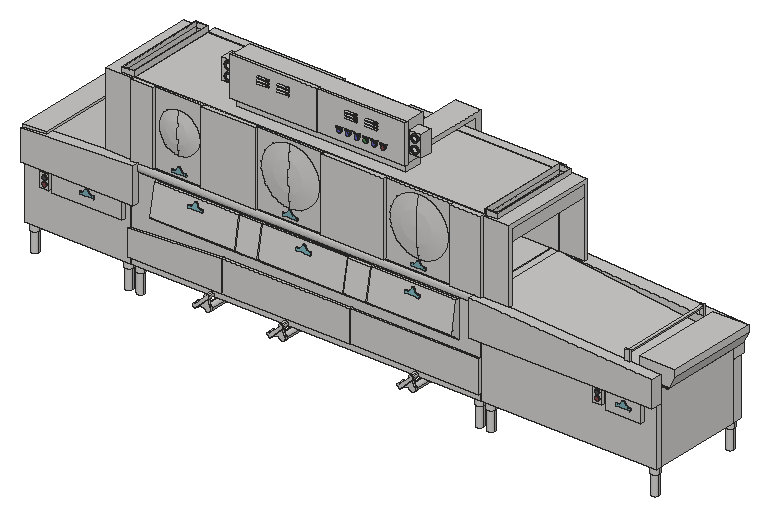
Revit family
Parameters (values of type "480/60/3")
  Weight in Pounds = 0
  Watts = 50000 W
  Waste Water Discharge Temperature [instance] = -459.67 °F
  Volts = 480 V
  Ventilation Remarks [instance] = ""
  Unload Ventilation Remarks [instance] = ""
  Unload Section Width [instance] = if(Custom Unload Width > 5' 0", Custom Unload Width, 5' 0")  # 5' - 0"
  Unload Removable Cover [instance] = yes
  Unload Exhaust Volume = 1000 CFM
  Unload Exhaust Vent Width = 0' - 4"
  Unload Exhaust Vent Depth = 2' - 7 1/4"
  Unload Exhaust Static Press [instance] = 0.00 in-wg
  Unload Exhaust RI Height [instance] = 0' - 0"
  Unload Exhaust Item Number [instance] = "-"
  Unload End Drain [instance] = no
  URL Cutsheet = ""
  URL = "www.stero.com"
  Swing Doors [instance] = no
  Status [instance] = ""
  Standard Doors [instance] = not(Swing Doors)  # yes
  Specification by User [instance] = ""
  Specification by Manufacturer [instance] = ""
  Serial Number [instance] = ""
  Seismic Rating [instance] = ""
  Revision Code [instance] = ""
  Power Wash Width = 3' - 8"
  Power Wash Door [instance] = if(Swing Doors, 3' 0", 1' 10 1/2")  # 1' - 10 1/2"
  Power Scrapper Width = 2' - 8"
  Power Scrapper Door [instance] = if(Swing Doors, 1' 6", 1' 4 1/4")  # 1' - 4 1/4"
  Power Rinse Door [instance] = if(Swing Doors, 3' 0", 1' 10 1/2")  # 1' - 10 1/2"
  Plumbing Remarks [instance] = ""
  Plumbing Connection Type [instance] = ""
  Phase = 3
  ONOFF Switch [instance] = if([30 inch Load], 0' 0", 0' 6")  # 0' - 6"
  Number of Poles [instance] = 3
  No Booster Heater [instance] = not(Booster Heater)  # yes
  NAFEM Spec ID Number [instance] = ""
  Model = "STPCW-ER 120E"
  Masterspec [instance] = ""
  Manufacturer = "Stero"
  Load Section Width [instance] = if([30 inch Load], 2' 6 1/8", if([36 inch Load], 3' 0 1/8", if([48 inch Load], 4' 0 1/8", (Custom Load Width + 0' 0 1/8"))))  # 3' - 0 1/8"
  Load End Drain [instance] = not(Unload End Drain)  # yes
  Item Number [instance] = "-"
  Installed By [instance] = ""
  Indirect Waste Size = 2"
  Indirect Waste Flow [instance] = 0.00 GPM
  Indirect Waste Connection Type [instance] = ""
  Indirect Waste Connection Height = 0' - 7"
  Hot Water Temperature = 140 °F
  Hot Water Size = 1"
  Hot Water RI Height [instance] = 0' - 0"
  Hot Water Minimum Pressure = 20.00 psi
  Hot Water Maximum Pressure = 20.00 psi
  Hot Water Flow [instance] = 0.00 GPM
  Hot Water Consumption = 1.63 GPM
  Hot Water Connection Height = 0' - 6"
  HP = "8"
  Furnished By [instance] = ""
  Foodservice Equipment Identifier [instance] = yes
  Final Rinse Width = 3' - 8"
  Feeder Line 3 = no
  Feeder Line 2 = no
  FL Amps = 76.1 A
  F3 Watts = 0 W
  F3 Volts = 480 V
  F3 Phase = 3
  F3 Number of Poles [instance] = 3
  F3 Item Number [instance] = "-"
  F3 FL Amps = 0 A
  F3 Electrical Remarks [instance] = ""
  F3 Electric Connection Type [instance] = ""
  F3 Elec Conn RI Height [instance] = 0' - 0"
  F3 Elec Conn Connection Height = Elec Conn Connection Height  # 6' - 6"
  F3 Cycle = Cycle  # 60 Hz
  F3 Conn Conduit = yes
  F3 Apparent Power = if(F3 Phase = 3, F3 Volts * F3 FL Amps * 1.73, F3 Volts * F3 FL Amps)  # 0 VA
  F2 Watts = 0 W
  F2 Volts = 480 V
  F2 Phase = 3
  F2 Number of Poles [instance] = 3
  F2 Item Number [instance] = "-"
  F2 FL Amps = 0 A
  F2 Electrical Remarks [instance] = ""
  F2 Electric Connection Type [instance] = ""
  F2 Elec Conn RI Height [instance] = 0' - 0"
  F2 Elec Conn Connection Height = Elec Conn Connection Height  # 6' - 6"
  F2 Cycle = Cycle  # 60 Hz
  F2 Conn Conduit = yes
  F2 Apparent Power = if(F2 Phase = 3, F2 Volts * F2 FL Amps * 1.73, F2 Volts * F2 FL Amps)  # 0 VA
  Exhaust Volume = 500 CFM
  Exhaust Vent Width = 0' - 4"
  Exhaust Vent Depth = 2' - 7 1/4"
  Exhaust Static Press [instance] = 0.00 in-wg
  Exhaust RI Height [instance] = 0' - 0"
  Electrical Remarks [instance] = ""
  Electric Connection Type [instance] = ""
  Elec Conn RI Height [instance] = 0' - 0"
  Elec Conn Connection Height = 6' - 6"
  Description = "Flight Type Dishwasher"
  Depth = 3' - 6"
  Cycle = 60 Hz
  Custom Unload Width [instance] = 5' - 0"
  Custom Load Width [instance] = 4' - 6"
  Conn Conduit = yes
  Cold Water Temperature Recommended [instance] = -459.67 °F
  Cold Water Size [instance] = if(Cold Water Aqua Stat, 0' 0 3/4", 0' 0")  # 0"
  Cold Water RI Height [instance] = 0' - 0"
  Cold Water Minimum Pressure [instance] = 0.00 psi
  Cold Water Maximum Pressure [instance] = 0.00 psi
  Cold Water Flow [instance] = 0.00 GPM
  Cold Water Consumption [instance] = ""
  Cold Water Connection Height [instance] = if(Cold Water Aqua Stat, 0' 6", 0' 0")  # 0' - 0"
  Cold Water Aqua Stat [instance] = no
  CSI MasterFormat = "11 48 13"
  Booster Watts = 24000 W
  Booster Volts = 480 V
  Booster Phase = 3
  Booster Number of Poles [instance] = 3
  Booster Item Number [instance] = "-"
  Booster Heater [instance] = no
  Booster FL Amps = 28.9 A
  Booster Electrical Remarks [instance] = ""
  Booster Electric Connection Type [instance] = ""
  Booster Elec Conn RI Height [instance] = 0' - 0"
  Booster Elec Conn Connection Height = 0' - 11"
  Booster Cycle = 60 Hz
  Booster Conn Conduit = yes
  Booster Apparent Power = if(Booster Phase = 3, Booster Volts * Booster FL Amps * 1.73, Booster Volts * Booster FL Amps)  # 23998.6 VA
  Boosted Plumbing Remarks [instance] = ""
  Boosted Hot Water Temperature = 180 °F
  Boosted Hot Water Size = 3/4"
  Boosted Hot Water RI Height [instance] = 0' - 0"
  Boosted Hot Water Minimum Pressure = 20.00 psi
  Boosted Hot Water Maximum Pressure = 20.00 psi
  Boosted Hot Water Flow [instance] = 0.00 GPM
  Boosted Hot Water Consumption = 1.63 GPM
  Boosted Hot Water Connection Height = 0' - 6"
  Boosted HW Item Number [instance] = "-"
  Assembly Code = "E1090320"
  Apparent Power = if(Phase = 3, Volts * FL Amps * 1.73, Volts * FL Amps)  # 63193.4 VA
  48 inch Load [instance] = no
  36 inch Load [instance] = yes
  30 inch Load [instance] = no
Reference planes (in)
  plane 1 "BACK": y = 0
  plane 2: z = 0
  plane 3 "LEFT": x = -21.27862
  plane 4 "RIGHT": x = 98.72138
  plane 5 "FRONT": y = -42
  plane 6 "Right of Power Scrapper": x = 10.72138
  plane 7 "Right of Power Wash": x = 54.72138
  plane 8 "Load Vent": x = -30.27862
  plane 9 "Unload Vent": x = 107.72138
  plane 10 "Top of Machine": z = 65.5
  plane 11 "Table Height": z = 34
  plane 12 "Bottom of Machine": z = 9
  plane 13 "Middle of Machine": z = 40.625
  plane 14 "Left of Bottom": x = -18.77862
  plane 15 "Right of Bottom": x = 96.22138
  plane 16: z = 38.125
  plane 17: z = 37.75
  plane 18: z = 24.5
  plane 19: z = 22.25
  plane 20: z = 11.5
  plane 21 "Back of Main Body": y = -3
  plane 22 "Front of Main Body": y = -39
  plane 23: x = -5.27862
  plane 24: x = 32.72138
  plane 25: x = 76.72138
  plane 26: x = -13.52862
  plane 27: x = 2.72138
  plane 28: x = 21.47138
  plane 29: x = 43.97138
  plane 30: x = 65.47138
  plane 31: x = 87.97138
  plane 32 "Front of Inside": y = -37.25
  plane 33 "Back of Inside": y = -6
  plane 34: x = 23.22138
  plane 35: x = 45.72138
  plane 36: x = -12.27862
  plane 37: x = 16.72138
  plane 38: x = 24.72138
  plane 39: x = 53.72138
  plane 40: x = 61.97138
  plane 41: x = 90.97138
  plane 42: x = 16.97138
  plane 43: x = 24.47138
  plane 44: x = 53.97138
  plane 45: x = 61.72138
  plane 46: x = 10.59638
  plane 47: x = 10.84638
  plane 48: x = 54.59638
  plane 49: x = 54.84638
  plane 50: z = 60.25
  plane 51: z = 67.25
  plane 52: x = -21.40362
  plane 53: x = -25.40362
  plane 54: x = 102.84638
  plane 55: x = 98.84638
  plane 56: x = -57.40362
  plane 57: x = -59.90362
  plane 58: x = -58.40362
  plane 59: x = -49.40362
  plane 60: z = 28.5
  plane 61: z = 28
  plane 62: z = 22
  plane 63: x = -47.40362
  plane 64: x = -23.40362
  plane 65: x = -48.40362
  plane 66: x = -51.40362
  plane 67: x = 158.72138
  plane 68: x = 159.72138
  plane 69: x = 161.22138
  plane 70: x = 163.72138
  plane 71: x = 151.72138
  plane 72: x = 147.72138
  plane 73: x = 154.22138
  plane 74: x = 142.22138
  plane 75: x = 140.72138
  plane 76: x = 137.72138
  plane 77: y = -32.5
  plane 78: y = -26.5
  plane 79: x = 9.72138
  plane 80: x = 67.72138
  plane 81: z = 68.5
  plane 82: z = 71.375
  plane 83: z = 78.625
  plane 84: z = 81.5
  plane 85: x = 38.72138
  plane 86: x = 38.59638
  plane 87: x = 38.84638
  plane 88: x = 8.72138
  plane 89: x = 68.72138
  plane 90: x = 72.72138
  plane 91: x = 4.72138
  plane 92 "Back of Elec Box": y = -26
  plane 93: y = -33
  plane 94 "Front of Panel": y = -34
  plane 95: z = 68.25
  plane 96: z = 81.25
  plane 97: x = 8.97138
  plane 98 "Right of Control Box": x = 68.47138
  plane 99 "Front of LR Panels": y = -32.25
  plane 100: y = -28.25
  plane 101 "Drain": z = 7
  plane 102 "Left Drain": x = -39.90362
  plane 103 "Right Drain": x = 151.72138
  plane 104 "Drain CL": y = -20.25
  plane 105 "Utilities": z = 6
  plane 106 "Cold Water": x = -31.27862
  plane 107 "Utility to Machine": y = -16.75
  plane 108 "Utilities Point of Connection": y = -8.5
  plane 109 "Building Hot Water": x = 134.72138
  plane 110: x = -13.27862
  plane 111: x = 2.59638
  plane 112: x = 1.28388
  plane 113: x = 21.72138
  plane 114: x = 32.65888
  plane 115: x = 32.78388
  plane 116: x = 43.72138
  plane 117: x = 34.15888
  plane 118: x = 31.28388
  plane 119: x = 65.72138
  plane 120: x = 76.65888
  plane 121: x = 76.78388
  plane 122: x = 87.72138
  plane 123: x = 78.15888
  plane 124: x = 75.28388
  plane 125 "Standard Door Clearance": z = 93.5
  plane 126: x = 122.72138
Forms (in)
  Extrusion 1, solid, material "QF_Finishes_Stainless Steel"
    sketch origin (0, -39, 0) x (1, 0, 0) y (0, 0, 1)
      loop
        line (-21.27862, 9) -> (98.72138, 9) -> (98.72138, 28.5) -> (96.22138, 28.5) -> (96.22138, 38.125) -> (-18.77862, 38.125) -> (-18.77862, 28.5) -> (-21.27862, 28.5) -> (-21.27862, 9)
    from 0 to -36
  Extrusion 2, solid, material "QF_Finishes_Stainless Steel"
    sketch origin (-18.77862, 0, 0) x (0, 1, 0) y (0, 0, 1)
      loop
        line (-3, 40.625) -> (-39, 40.625)
        arc (-39, 40.625) -> (-39.43875, 39.375) -> (-39, 38.125) r 2
        line (-39, 38.125) -> (-3, 38.125) -> (-3, 40.625)
    from 0 to 115
  Extrusion 3, solid, material "QF_Finishes_Stainless Steel"
    sketch origin (0, 0, 65.5) x (0, 1, 0) y (-1, 0, 0)
      loop
        line (-37.25, 21.27862) -> (-39, 21.27862) -> (-39, 13.52862) -> (-37.25, 13.52862) -> (-37.25, 21.27862)
    from 0 to -24.875
  Extrusion 4, solid, material "QF_Finishes_Stainless Steel"
    sketch origin (0, 0, 65.5) x (0, 1, 0) y (-1, 0, 0)
      loop
        line (-37.25, -2.72138) -> (-39, -2.72138) -> (-39, -21.47138) -> (-37.25, -21.47138) -> (-37.25, -2.72138)
    from 0 to -24.875
  Extrusion 5, solid, material "QF_Finishes_Stainless Steel"
    sketch origin (0, 0, 65.5) x (0, 1, 0) y (-1, 0, 0)
      loop
        line (-37.25, -43.97138) -> (-39, -43.97138) -> (-39, -65.47138) -> (-37.25, -65.47138) -> (-37.25, -43.97138)
    from 0 to -24.875
  Extrusion 6, solid, material "QF_Finishes_Stainless Steel"
    sketch origin (0, 0, 65.5) x (0, 1, 0) y (-1, 0, 0)
      loop
        line (-37.25, -87.97138) -> (-39, -87.97138) -> (-39, -98.72138) -> (-37.25, -98.72138) -> (-37.25, -87.97138)
    from 0 to -24.875
  Extrusion 7, solid, material "QF_Finishes_Stainless Steel"
    sketch origin (0, 0, 65.5) x (0, 1, 0) y (-1, 0, 0)
      loop
        line (-3, 21.27862) -> (-6, 21.27862) -> (-6, -23.22138) -> (-3, -23.22138) -> (-3, 21.27862)
    from 0 to -24.875
  Extrusion 8, solid, material "QF_Finishes_Stainless Steel"
    sketch origin (0, 0, 65.5) x (0, 1, 0) y (-1, 0, 0)
      loop
        line (-3, -45.72138) -> (-6, -45.72138) -> (-6, -98.72138) -> (-3, -98.72138) -> (-3, -45.72138)
    from 0 to -24.875
  Extrusion 9, solid, material "QF_Finishes_Stainless Steel"
    sketch origin (0, 0, 65.5) x (0, 1, 0) y (-1, 0, 0)
      loop
        line (-37.25, 13.52862) -> (-38.25, 13.52862) -> (-38.25, -2.72138) -> (-37.25, -2.72138) -> (-37.25, 13.52862)
    from 0 to -24.875
  Extrusion 10, solid, material "QF_Finishes_Stainless Steel"
    sketch origin (0, 0, 65.5) x (0, 1, 0) y (-1, 0, 0)
      loop
        line (-37.25, -21.47138) -> (-38.25, -21.47138) -> (-38.25, -43.97138) -> (-37.25, -43.97138) -> (-37.25, -21.47138)
    from 0 to -24.875
  Extrusion 11, solid, material "QF_Finishes_Stainless Steel"
    sketch origin (0, 0, 65.5) x (0, 1, 0) y (-1, 0, 0)
      loop
        line (-37.25, -65.47138) -> (-38.25, -65.47138) -> (-38.25, -87.97138) -> (-37.25, -87.97138) -> (-37.25, -65.47138)
    from 0 to -24.875
  Extrusion 12, solid, material "QF_Finishes_Stainless Steel"
    sketch origin (0, 0, 65.5) x (0, 1, 0) y (-1, 0, 0)
      loop
        line (-4, -23.22138) -> (-6, -23.22138) -> (-6, -45.72138) -> (-4, -45.72138) -> (-4, -23.22138)
    from 0 to -24.875
  Revolve 13, solid, material "QF_Finishes_Stainless Steel", visible <- "Standard Doors"
    sketch origin (32.72138, 87.64484, 48) x (0, 1, 0) y (0, 0, 1)
      loop
        line (-125.89484, 6.49826) -> (-125.89484, 16.49826)
        arc (-125.89484, 16.49826) -> (-126.65727, 11.52451) -> (-126.89484, 6.49826) r 48
        line (-126.89484, 6.49826) -> (-125.89484, 6.49826)
      axis (-125.89484, 6.49826) -> (-126.89484, 6.49826)
    angle from 0 to 360
  Revolve 14, solid, material "QF_Finishes_Stainless Steel", visible <- "Standard Doors"
    sketch origin (76.72138, 53.39484, 48) x (0, 1, 0) y (0, 0, 1)
      loop
        line (-91.64484, 6.49826) -> (-91.64484, 16.49826)
        arc (-91.64484, 16.49826) -> (-92.40727, 11.52451) -> (-92.64484, 6.49826) r 48
        line (-92.64484, 6.49826) -> (-91.64484, 6.49826)
      axis (-91.64484, 6.49826) -> (-92.64484, 6.49826)
    angle from 0 to 360
  Extrusion 15, solid, material "QF_Finishes_Light Blue", visible <- "Standard Doors"
    sketch origin (32.39366, -38.75, 10.99826) x (-1, 0, 0) y (0, 0, 1)
      loop
        line (-43.71645, 30.65632) -> (-42.08461, 30.57309)
        arc (-42.08461, 30.57309) -> (-41.90443, 30.64773) -> (-41.82979, 30.82792) r 0.25483
        line (-41.82979, 30.82792) -> (-41.82979, 31.31285)
        arc (-41.82979, 31.31285) -> (-41.90343, 31.49062) -> (-42.08121, 31.56426) r 0.25142
        arc (-42.08121, 31.56426) -> (-43.22593, 31.7803) -> (-43.90311, 32.72819) r 1.56264
        arc (-43.90311, 32.72819) -> (-44.31726, 33.06213) -> (-44.74741, 32.74907) r 0.43733
        arc (-44.74741, 32.74907) -> (-45.42049, 31.78611) -> (-46.57423, 31.56426) r 1.56264
        arc (-46.57423, 31.56426) -> (-46.75201, 31.49062) -> (-46.82565, 31.31285) r 0.25142
        line (-46.82565, 31.31285) -> (-46.82565, 30.82792)
        arc (-46.82565, 30.82792) -> (-46.75101, 30.64773) -> (-46.57082, 30.57309) r 0.25483
        line (-46.57082, 30.57309) -> (-44.93898, 30.65632)
        arc (-44.93898, 30.65632) -> (-44.32772, 30.6719) -> (-43.71645, 30.65632) r 12
    from 0.5 to 0.4375
  Extrusion 16, solid, material "QF_Finishes_Light Blue", visible <- "Standard Doors"
    sketch origin (-33.60634, -38.75, 10.99826) x (-1, 0, 0) y (0, 0, 1)
      loop
        line (-27.71645, 30.65632) -> (-26.08461, 30.57309)
        arc (-26.08461, 30.57309) -> (-25.90443, 30.64773) -> (-25.82979, 30.82792) r 0.25483
        line (-25.82979, 30.82792) -> (-25.82979, 31.31285)
        arc (-25.82979, 31.31285) -> (-25.90343, 31.49062) -> (-26.08121, 31.56426) r 0.25142
        arc (-26.08121, 31.56426) -> (-27.22593, 31.7803) -> (-27.90311, 32.72819) r 1.56264
        arc (-27.90311, 32.72819) -> (-28.31726, 33.06213) -> (-28.74741, 32.74907) r 0.43733
        arc (-28.74741, 32.74907) -> (-29.42049, 31.78611) -> (-30.57423, 31.56426) r 1.56264
        arc (-30.57423, 31.56426) -> (-30.75201, 31.49062) -> (-30.82565, 31.31285) r 0.25142
        line (-30.82565, 31.31285) -> (-30.82565, 30.82792)
        arc (-30.82565, 30.82792) -> (-30.75101, 30.64773) -> (-30.57082, 30.57309) r 0.25483
        line (-30.57082, 30.57309) -> (-28.93898, 30.65632)
        arc (-28.93898, 30.65632) -> (-28.32772, 30.6719) -> (-27.71645, 30.65632) r 12
    from 0.5 to 0.4375
  Revolve 17, solid, material "QF_Finishes_Stainless Steel", visible <- "Standard Doors"
    sketch origin (-5.27862, 60.79026, 48) x (0, 1, 0) y (0, 0, 1)
      loop
        line (-99.04026, 6.42888) -> (-99.04026, 13.42888)
        arc (-99.04026, 13.42888) -> (-99.77934, 9.96304) -> (-100.04026, 6.42888) r 26
        line (-100.04026, 6.42888) -> (-99.04026, 6.42888)
      axis (-99.04026, 6.42888) -> (-100.04026, 6.42888)
    angle from 0 to 360
  Revolve 18, solid, material "QF_Finishes_Stainless Steel", visible <- "Standard Doors"
    sketch origin (34.47138, -129.89484, 48) x (0, -1, 0) y (0, 0, -1)
      loop
        line (-125.89484, -6.49826) -> (-126.89484, -6.49826)
        arc (-126.89484, -6.49826) -> (-126.65727, -11.52451) -> (-125.89484, -16.49826) r 48
        line (-125.89484, -16.49826) -> (-125.89484, -6.49826)
      axis (-125.89484, -6.49826) -> (-126.89484, -6.49826)
    angle from 0 to 360
  Extrusion 19, solid, material "QF_Finishes_Stainless Steel"
    sketch origin (-18.77862, 0, 0) x (0, 1, 0) y (0, 0, 1)
      loop
        line (-39, 37.75) -> (-40, 37.75) -> (-42, 27.5) -> (-39, 25.1875) -> (-39, 37.75)
    from 6.5 to 35.5
  Extrusion 20, solid, material "QF_Finishes_Stainless Steel"
    sketch origin (5.47138, 0, 0) x (0, 1, 0) y (0, 0, 1)
      loop
        line (-39, 37.75) -> (-40, 37.75) -> (-42, 27.5) -> (-39, 25.1875) -> (-39, 37.75)
    from 11.5 to 19
  Extrusion 21, solid, material "QF_Finishes_Stainless Steel"
    sketch origin (10.22138, 0, 0) x (0, 1, 0) y (0, 0, 1)
      loop
        line (-39, 37.75) -> (-40, 37.75) -> (-42, 27.5) -> (-39, 25.1875) -> (-39, 37.75)
    from 14.5 to 43.5
  Extrusion 22, solid, material "QF_Finishes_Stainless Steel"
    sketch origin (34.47138, 0, 0) x (0, 1, 0) y (0, 0, 1)
      loop
        line (-39, 37.75) -> (-40, 37.75) -> (-42, 27.5) -> (-39, 25.1875) -> (-39, 37.75)
    from 19.5 to 27.25
  Extrusion 23, solid, material "QF_Finishes_Stainless Steel"
    sketch origin (39.47138, 0, 0) x (0, 1, 0) y (0, 0, 1)
      loop
        line (-39, 37.75) -> (-40, 37.75) -> (-42, 27.5) -> (-39, 25.1875) -> (-39, 37.75)
    from 22.5 to 51.5
  Extrusion 24, solid, material "QF_Finishes_Stainless Steel"
    sketch origin (0, -39, 0) x (1, 0, 0) y (0, 0, 1)
      loop
        line (-21.27862, 11.5) -> (10.59638, 11.5) -> (10.59638, 22.25) -> (-21.27862, 20.375) -> (-21.27862, 11.5)
    from 0 to 1
  Extrusion 25, solid, material "QF_Finishes_Stainless Steel"
    sketch origin (0, -39, 0) x (1, 0, 0) y (0, 0, 1)
      loop
        line (10.84638, 22.25) -> (10.84638, 11.5) -> (54.59638, 11.5) -> (54.59638, 22.25) -> (10.84638, 22.25)
    from 0 to 1
  Extrusion 26, solid, material "QF_Finishes_Stainless Steel"
    sketch origin (0, -39, 0) x (1, 0, 0) y (0, 0, 1)
      loop
        line (54.84638, 22.25) -> (54.84638, 11.5) -> (98.72138, 11.5) -> (98.72138, 22.25) -> (54.84638, 22.25)
    from 0 to 1
  Extrusion 27, solid, material "QF_Finishes_Stainless Steel"
    sketch origin (0, 0, 65.5) x (0, 1, 0) y (-1, 0, 0)
      loop
        line (-6, 21.27862) -> (-37.25, 21.27862) -> (-37.25, -98.72138) -> (-6, -98.72138) -> (-6, 21.27862)
    from 0 to -5.25
  Extrusion 28, solid, material "QF_Finishes_Stainless Steel"
    sketch origin (-21.27862, 0, 0) x (0, 1, 0) y (0, 0, 1)
      loop
        line (-5, 65.5) -> (-38.25, 65.5) -> (-38.25, 40.625) -> (-37.25, 40.625) -> (-37.25, 64.125) -> (-6, 64.125) -> (-6, 40.625) -> (-5, 40.625) -> (-5, 65.5)
    from 0 to -9
  Extrusion 29, solid, material "QF_Finishes_Stainless Steel"
    sketch origin (0, 0, 65.5) x (0, 1, 0) y (-1, 0, 0)
      loop
        line (-6, 25.40362) -> (-37.25, 25.40362) -> (-37.25, 21.40362) -> (-6, 21.40362) -> (-6, 25.40362)
      loop
        line (-5.875, 25.52862) -> (-37.375, 25.52862) -> (-37.375, 21.27862) -> (-5.875, 21.27862) -> (-5.875, 25.52862)
    from 0 to 1.75
  Extrusion 30, solid, material "QF_Finishes_Stainless Steel"
    sketch origin (-30.27862, 0, 0) x (0, 1, 0) y (0, 0, 1)
      loop
        line (-6, 64.125) -> (-37.25, 64.125) -> (-37.25, 60.25) -> (-6, 60.25) -> (-6, 64.125)
    from 0 to 1
  Extrusion 31, void
    sketch origin (0, 0, 65.5) x (0, 1, 0) y (-1, 0, 0)
      loop
        line (-6, 25.40362) -> (-37.25, 25.40362) -> (-37.25, 21.40362) -> (-6, 21.40362) -> (-6, 25.40362)
    from 0 to -1.375
  Extrusion 32, solid, material "QF_Finishes_Stainless Steel"
    sketch origin (98.72138, 0, 0) x (0, 1, 0) y (0, 0, 1)
      loop
        line (-5, 40.625) -> (-5, 65.5) -> (-38.25, 65.5) -> (-38.25, 40.625) -> (-37.25, 40.625) -> (-37.25, 64.125) -> (-6, 64.125) -> (-6, 40.625) -> (-5, 40.625)
    from 0 to 9
  Extrusion 33, solid, material "QF_Finishes_Stainless Steel"
    sketch origin (53.44275, 0, 65.5) x (0, 1, 0) y (-1, 0, 0)
      loop
        line (-6, -49.40362) -> (-6, -45.40362) -> (-37.25, -45.40362) -> (-37.25, -49.40362) -> (-6, -49.40362)
      loop
        line (-5.875, -49.52862) -> (-5.875, -45.27862) -> (-37.375, -45.27862) -> (-37.375, -49.52862) -> (-5.875, -49.52862)
    from 0 to 1.75
  Extrusion 34, solid, material "QF_Finishes_Stainless Steel"
    sketch origin (107.72138, 0, 0) x (0, 1, 0) y (0, 0, 1)
      loop
        line (-6, 64.125) -> (-37.25, 64.125) -> (-37.25, 60.25) -> (-6, 60.25) -> (-6, 64.125)
    from 0 to -1
  Extrusion 35, void
    sketch origin (0, 0, 65.5) x (0, 1, 0) y (-1, 0, 0)
      loop
        line (-37.25, -102.84638) -> (-6, -102.84638) -> (-6, -98.84638) -> (-37.25, -98.84638) -> (-37.25, -102.84638)
    from 0 to -1.375
  Extrusion 36, solid, material "QF_Finishes_Light Blue", visible <- "Standard Doors"
    sketch origin (4.39366, -38.75, 10.99826) x (-1, 0, 0) y (0, 0, 1)
      loop
        line (-27.71645, 30.65632) -> (-26.08461, 30.57309)
        arc (-26.08461, 30.57309) -> (-25.90443, 30.64773) -> (-25.82979, 30.82792) r 0.25483
        line (-25.82979, 30.82792) -> (-25.82979, 31.31285)
        arc (-25.82979, 31.31285) -> (-25.90343, 31.49062) -> (-26.08121, 31.56426) r 0.25142
        arc (-26.08121, 31.56426) -> (-27.22593, 31.7803) -> (-27.90311, 32.72819) r 1.56264
        arc (-27.90311, 32.72819) -> (-28.31726, 33.06213) -> (-28.74741, 32.74907) r 0.43733
        arc (-28.74741, 32.74907) -> (-29.42049, 31.78611) -> (-30.57423, 31.56426) r 1.56264
        arc (-30.57423, 31.56426) -> (-30.75201, 31.49062) -> (-30.82565, 31.31285) r 0.25142
        line (-30.82565, 31.31285) -> (-30.82565, 30.82792)
        arc (-30.82565, 30.82792) -> (-30.75101, 30.64773) -> (-30.57082, 30.57309) r 0.25483
        line (-30.57082, 30.57309) -> (-28.93898, 30.65632)
        arc (-28.93898, 30.65632) -> (-28.32772, 30.6719) -> (-27.71645, 30.65632) r 12
    from 0.5 to 0.4375
  Extrusion 37, solid, material "QF_Finishes_Light Blue", visible <- "Standard Doors"
    sketch origin (6.14366, -3.5, 10.99826) x (-1, 0, 0) y (0, 0, -1)
      loop
        arc (-27.71645, -30.65632) -> (-28.32772, -30.6719) -> (-28.93898, -30.65632) r 12
        line (-28.93898, -30.65632) -> (-30.57082, -30.57309)
        arc (-30.57082, -30.57309) -> (-30.75101, -30.64773) -> (-30.82565, -30.82792) r 0.25483
        line (-30.82565, -30.82792) -> (-30.82565, -31.31285)
        arc (-30.82565, -31.31285) -> (-30.75201, -31.49062) -> (-30.57423, -31.56426) r 0.25142
        arc (-30.57423, -31.56426) -> (-29.42049, -31.78611) -> (-28.74741, -32.74907) r 1.56264
        arc (-28.74741, -32.74907) -> (-28.31726, -33.06213) -> (-27.90311, -32.72819) r 0.43733
        arc (-27.90311, -32.72819) -> (-27.22593, -31.7803) -> (-26.08121, -31.56426) r 1.56264
        arc (-26.08121, -31.56426) -> (-25.90343, -31.49062) -> (-25.82979, -31.31285) r 0.25142
        line (-25.82979, -31.31285) -> (-25.82979, -30.82792)
        arc (-25.82979, -30.82792) -> (-25.90443, -30.64773) -> (-26.08461, -30.57309) r 0.25483
        line (-26.08461, -30.57309) -> (-27.71645, -30.65632)
    from 0.5 to 0.4375
  Extrusion 38, solid, material "QF_Finishes_Light Blue"
    sketch origin (40.64366, -47.17361, 4.34597) x (-1, 0, 0) y (0, 0.195946, 0.980615)
      loop
        line (-35.2161, 30.65632) -> (-33.58426, 30.57309)
        arc (-33.58426, 30.57309) -> (-33.40408, 30.64773) -> (-33.32944, 30.82792) r 0.25483
        line (-33.32944, 30.82792) -> (-33.32944, 31.31285)
        arc (-33.32944, 31.31285) -> (-33.40308, 31.49062) -> (-33.58085, 31.56426) r 0.25142
        arc (-33.58085, 31.56426) -> (-34.72558, 31.7803) -> (-35.40276, 32.72819) r 1.56264
        arc (-35.40276, 32.72819) -> (-35.81691, 33.06213) -> (-36.24706, 32.74907) r 0.43733
        arc (-36.24706, 32.74907) -> (-36.92014, 31.78611) -> (-38.07388, 31.56426) r 1.56264
        arc (-38.07388, 31.56426) -> (-38.25166, 31.49062) -> (-38.3253, 31.31285) r 0.25142
        line (-38.3253, 31.31285) -> (-38.3253, 30.82792)
        arc (-38.3253, 30.82792) -> (-38.25066, 30.64773) -> (-38.07047, 30.57309) r 0.25483
        line (-38.07047, 30.57309) -> (-36.43863, 30.65632)
        arc (-36.43863, 30.65632) -> (-35.82737, 30.6719) -> (-35.2161, 30.65632) r 12
      loop
        line (2.0339, 30.65632) -> (3.66574, 30.57309)
        arc (3.66574, 30.57309) -> (3.84592, 30.64773) -> (3.92056, 30.82792) r 0.25483
        line (3.92056, 30.82792) -> (3.92056, 31.31285)
        arc (3.92056, 31.31285) -> (3.84692, 31.49062) -> (3.66915, 31.56426) r 0.25142
        arc (3.66915, 31.56426) -> (2.52442, 31.7803) -> (1.84724, 32.72819) r 1.56264
        arc (1.84724, 32.72819) -> (1.43309, 33.06213) -> (1.00294, 32.74907) r 0.43733
        arc (1.00294, 32.74907) -> (0.32986, 31.78611) -> (-0.82388, 31.56426) r 1.56264
        arc (-0.82388, 31.56426) -> (-1.00166, 31.49062) -> (-1.0753, 31.31285) r 0.25142
        line (-1.0753, 31.31285) -> (-1.0753, 30.82792)
        arc (-1.0753, 30.82792) -> (-1.00066, 30.64773) -> (-0.82047, 30.57309) r 0.25483
        line (-0.82047, 30.57309) -> (0.81137, 30.65632)
        arc (0.81137, 30.65632) -> (1.42263, 30.6719) -> (2.0339, 30.65632) r 12
      loop
        line (39.0339, 30.65632) -> (40.66574, 30.57309)
        arc (40.66574, 30.57309) -> (40.84592, 30.64773) -> (40.92056, 30.82792) r 0.25483
        line (40.92056, 30.82792) -> (40.92056, 31.31285)
        arc (40.92056, 31.31285) -> (40.84692, 31.49062) -> (40.66915, 31.56426) r 0.25142
        arc (40.66915, 31.56426) -> (39.52442, 31.7803) -> (38.84724, 32.72819) r 1.56264
        arc (38.84724, 32.72819) -> (38.43309, 33.06213) -> (38.00294, 32.74907) r 0.43733
        arc (38.00294, 32.74907) -> (37.32986, 31.78611) -> (36.17612, 31.56426) r 1.56264
        arc (36.17612, 31.56426) -> (35.99834, 31.49062) -> (35.9247, 31.31285) r 0.25142
        line (35.9247, 31.31285) -> (35.9247, 30.82792)
        arc (35.9247, 30.82792) -> (35.99934, 30.64773) -> (36.17953, 30.57309) r 0.25483
        line (36.17953, 30.57309) -> (37.81137, 30.65632)
        arc (37.81137, 30.65632) -> (38.42263, 30.6719) -> (39.0339, 30.65632) r 12
    from 0.5 to 0.4375
  Extrusion 39, solid, material "QF_Finishes_Stainless Steel", not visible
    sketch origin (-18.77862, 0, 0) x (0, 1, 0) y (0, 0, 1)
      loop
        line (-39, 37.75) -> (-40, 37.75) -> (-42, 27.5) -> (-39, 25.1875) -> (-39, 37.75)
    from 6.5 to 35.5
  Extrusion 40, solid, material "QF_Finishes_Stainless Steel", not visible
    sketch origin (5.47138, 0, 0) x (0, 1, 0) y (0, 0, 1)
      loop
        line (-39, 37.75) -> (-40, 37.75) -> (-42, 27.5) -> (-39, 25.1875) -> (-39, 37.75)
    from 11.5 to 19
  Extrusion 41, solid, material "QF_Finishes_Stainless Steel", not visible
    sketch origin (10.22138, 0, 0) x (0, 1, 0) y (0, 0, 1)
      loop
        line (-39, 37.75) -> (-40, 37.75) -> (-42, 27.5) -> (-39, 25.1875) -> (-39, 37.75)
    from 14.5 to 43.5
  Extrusion 42, solid, material "QF_Finishes_Stainless Steel", not visible
    sketch origin (34.47138, 0, 0) x (0, 1, 0) y (0, 0, 1)
      loop
        line (-39, 37.75) -> (-40, 37.75) -> (-42, 27.5) -> (-39, 25.1875) -> (-39, 37.75)
    from 19.5 to 27.25
  Extrusion 43, solid, material "QF_Finishes_Stainless Steel", not visible
    sketch origin (39.47138, 0, 0) x (0, 1, 0) y (0, 0, 1)
      loop
        line (-39, 37.75) -> (-40, 37.75) -> (-42, 27.5) -> (-39, 25.1875) -> (-39, 37.75)
    from 22.5 to 51.5
  Extrusion 44, solid, material "QF_Finishes_Light Blue", not visible
    sketch origin (40.64366, -47.17361, 4.34597) x (-1, 0, 0) y (0, 0.195946, 0.980615)
      loop
        line (-35.2161, 30.65632) -> (-33.58426, 30.57309)
        arc (-33.58426, 30.57309) -> (-33.40408, 30.64773) -> (-33.32944, 30.82792) r 0.25483
        line (-33.32944, 30.82792) -> (-33.32944, 31.31285)
        arc (-33.32944, 31.31285) -> (-33.40308, 31.49062) -> (-33.58085, 31.56426) r 0.25142
        arc (-33.58085, 31.56426) -> (-34.72558, 31.7803) -> (-35.40276, 32.72819) r 1.56264
        arc (-35.40276, 32.72819) -> (-35.81691, 33.06213) -> (-36.24706, 32.74907) r 0.43733
        arc (-36.24706, 32.74907) -> (-36.92014, 31.78611) -> (-38.07388, 31.56426) r 1.56264
        arc (-38.07388, 31.56426) -> (-38.25166, 31.49062) -> (-38.3253, 31.31285) r 0.25142
        line (-38.3253, 31.31285) -> (-38.3253, 30.82792)
        arc (-38.3253, 30.82792) -> (-38.25066, 30.64773) -> (-38.07047, 30.57309) r 0.25483
        line (-38.07047, 30.57309) -> (-36.43863, 30.65632)
        arc (-36.43863, 30.65632) -> (-35.82737, 30.6719) -> (-35.2161, 30.65632) r 12
      loop
        line (2.0339, 30.65632) -> (3.66574, 30.57309)
        arc (3.66574, 30.57309) -> (3.84592, 30.64773) -> (3.92056, 30.82792) r 0.25483
        line (3.92056, 30.82792) -> (3.92056, 31.31285)
        arc (3.92056, 31.31285) -> (3.84692, 31.49062) -> (3.66915, 31.56426) r 0.25142
        arc (3.66915, 31.56426) -> (2.52442, 31.7803) -> (1.84724, 32.72819) r 1.56264
        arc (1.84724, 32.72819) -> (1.43309, 33.06213) -> (1.00294, 32.74907) r 0.43733
        arc (1.00294, 32.74907) -> (0.32986, 31.78611) -> (-0.82388, 31.56426) r 1.56264
        arc (-0.82388, 31.56426) -> (-1.00166, 31.49062) -> (-1.0753, 31.31285) r 0.25142
        line (-1.0753, 31.31285) -> (-1.0753, 30.82792)
        arc (-1.0753, 30.82792) -> (-1.00066, 30.64773) -> (-0.82047, 30.57309) r 0.25483
        line (-0.82047, 30.57309) -> (0.81137, 30.65632)
        arc (0.81137, 30.65632) -> (1.42263, 30.6719) -> (2.0339, 30.65632) r 12
      loop
        line (39.0339, 30.65632) -> (40.66574, 30.57309)
        arc (40.66574, 30.57309) -> (40.84592, 30.64773) -> (40.92056, 30.82792) r 0.25483
        line (40.92056, 30.82792) -> (40.92056, 31.31285)
        arc (40.92056, 31.31285) -> (40.84692, 31.49062) -> (40.66915, 31.56426) r 0.25142
        arc (40.66915, 31.56426) -> (39.52442, 31.7803) -> (38.84724, 32.72819) r 1.56264
        arc (38.84724, 32.72819) -> (38.43309, 33.06213) -> (38.00294, 32.74907) r 0.43733
        arc (38.00294, 32.74907) -> (37.32986, 31.78611) -> (36.17612, 31.56426) r 1.56264
        arc (36.17612, 31.56426) -> (35.99834, 31.49062) -> (35.9247, 31.31285) r 0.25142
        line (35.9247, 31.31285) -> (35.9247, 30.82792)
        arc (35.9247, 30.82792) -> (35.99934, 30.64773) -> (36.17953, 30.57309) r 0.25483
        line (36.17953, 30.57309) -> (37.81137, 30.65632)
        arc (37.81137, 30.65632) -> (38.42263, 30.6719) -> (39.0339, 30.65632) r 12
    from 0.5 to 0.4375
  Extrusion 45, solid, material "QF_Finishes_Stainless Steel"
    sketch origin (0, -37.25, 0) x (1, 0, 0) y (0, 0, 1)
      loop
        line (-57.40362, 28.5) -> (-18.77862, 28.5) -> (-18.77862, 40.625) -> (-57.40362, 38.75) -> (-57.40362, 28.5)
    from 0 to 3.75
  Extrusion 46, solid, material "QF_Finishes_Stainless Steel"
    sketch origin (0, -6, 0) x (1, 0, 0) y (0, 0, 1)
      loop
        line (-57.40362, 28.5) -> (-18.77862, 28.5) -> (-18.77862, 40.625) -> (-57.40362, 38.75) -> (-57.40362, 28.5)
    from 0 to -4.5
  Extrusion 47, solid, material "QF_Finishes_Stainless Steel"
    sketch origin (0, -6, 0) x (1, 0, 0) y (0, 0, 1)
      loop
        line (-57.40362, 34) -> (-59.90362, 34) -> (-59.90362, 33.875) -> (-57.40362, 33.875) -> (-57.40362, 34)
    from 0 to 31.25
  Extrusion 48, solid, material "QF_Finishes_Stainless Steel"
    sketch origin (0, -6, 0) x (1, 0, 0) y (0, 0, 1)
      loop
        line (-57.40362, 33.875) -> (-58.40362, 33.875) -> (-58.40362, 32.5) -> (-57.40362, 32.5) -> (-57.40362, 33.875)
    from 3.5 to 29.25
  Extrusion 49, solid, material "QF_Finishes_Stainless Steel"
    sketch origin (0, -6, 0) x (1, 0, 0) y (0, 0, 1)
      loop
        line (-57.40362, 32) -> (-58.40362, 32) -> (-58.40362, 28) -> (-57.40362, 28) -> (-57.40362, 32)
    from 3.5 to 29.25
  Extrusion 50, solid, material "QF_Finishes_Stainless Steel"
    sketch origin (0, -6, 0) x (1, 0, 0) y (0, 0, 1)
      loop
        line (-18.77862, 40.625) -> (-21.27862, 40.625) -> (-57.40362, 34) -> (-57.40362, 9) -> (-21.27862, 9) -> (-21.27862, 28.5) -> (-18.77862, 28.5) -> (-18.77862, 40.625)
    from 0 to 31.25
  Extrusion 51, solid, material "QF_Finishes_Stainless Steel"
    sketch origin (0, -6, 0) x (1, 0, 0) y (0, 0, 1)
      loop
        line (-57.40362, 38.75) -> (-49.40362, 39.13835) -> (-49.40362, 39.88923) -> (-57.40362, 39.50088) -> (-57.40362, 38.75)
    from -2.625 to 33.875
  Extrusion 52, solid, material "QF_Finishes_Stainless Steel"
    sketch origin (0, -37.25, 0) x (1, 0, 0) y (0, 0, 1)
      loop
        line (-57.40362, 9) -> (-21.27862, 9) -> (-21.27862, 28.5) -> (-57.40362, 28.5) -> (-57.40362, 9)
    from 0 to 1.75
  Extrusion 53, solid, material "QF_Finishes_Stainless Steel"
    sketch origin (0, -6, 0) x (1, 0, 0) y (0, 0, 1)
      loop
        line (-57.40362, 28.5) -> (-57.40362, 9) -> (-21.27862, 9) -> (-21.27862, 28.5) -> (-57.40362, 28.5)
    from 0 to -3
  Extrusion 54, solid, material "QF_Finishes_Stainless Steel"
    sketch origin (0, -37.25, 0) x (1, 0, 0) y (0, 0, 1)
      loop
        line (-47.40362, 28) -> (-47.40362, 22) -> (-23.40362, 22) -> (-23.40362, 28) -> (-47.40362, 28)
    from 1.75 to 2.75
  Extrusion 55, solid, material "QF_Finishes_Light Blue"
    sketch origin (-63.60634, -40.5, -5.56213) x (-1, 0, 0) y (0, 0, 1)
      loop
        line (-27.5911, 30.65632) -> (-25.95926, 30.57309)
        arc (-25.95926, 30.57309) -> (-25.77908, 30.64773) -> (-25.70444, 30.82792) r 0.25483
        line (-25.70444, 30.82792) -> (-25.70444, 31.31285)
        arc (-25.70444, 31.31285) -> (-25.77808, 31.49062) -> (-25.95585, 31.56426) r 0.25142
        arc (-25.95585, 31.56426) -> (-27.10058, 31.7803) -> (-27.77776, 32.72819) r 1.56264
        arc (-27.77776, 32.72819) -> (-28.19191, 33.06213) -> (-28.62206, 32.74907) r 0.43733
        arc (-28.62206, 32.74907) -> (-29.29514, 31.78611) -> (-30.44888, 31.56426) r 1.56264
        arc (-30.44888, 31.56426) -> (-30.62666, 31.49062) -> (-30.7003, 31.31285) r 0.25142
        line (-30.7003, 31.31285) -> (-30.7003, 30.82792)
        arc (-30.7003, 30.82792) -> (-30.62566, 30.64773) -> (-30.44547, 30.57309) r 0.25483
        line (-30.44547, 30.57309) -> (-28.81363, 30.65632)
        arc (-28.81363, 30.65632) -> (-28.20237, 30.6719) -> (-27.5911, 30.65632) r 12
    from 0.5 to 0.4375
  Extrusion 56, solid, material "QF_Finishes_Stainless Steel"
    sketch origin (0, -37.25, 0) x (1, 0, 0) y (0, 0, 1)
      loop
        line (-48.40362, 22.25) -> (-48.40362, 27.25) -> (-51.40362, 27.25) -> (-51.40362, 22.25) -> (-48.40362, 22.25)
    from 1.75 to 2.75
  Extrusion 57, solid, material "QF_Finishes_Black"
    sketch origin (0, -37.25, 0) x (1, 0, 0) y (0, 0, 1)
      loop
        circle (-49.90362, 25.75) r 0.75
    from 2.75 to 2.8125
  Extrusion 58, solid, material "QF_Finishes_LED Red"
    sketch origin (0, -37.25, -2) x (1, 0, 0) y (0, 0, 1)
      loop
        circle (-49.90362, 25.75) r 0.75
    from 2.75 to 2.8125
  Extrusion 59, solid, material "QF_Finishes_Stainless Steel"
    sketch origin (101.31775, -37.25, 0) x (-1, 0, 0) y (0, 0, -1)
      loop
        line (-57.40362, -28.5) -> (-57.40362, -37.5) -> (5.09638, -40.625) -> (5.09638, -28.5) -> (-57.40362, -28.5)
    from 0 to 3.75
  Extrusion 60, solid, material "QF_Finishes_Stainless Steel"
    sketch origin (101.31775, -6, 0) x (-1, 0, 0) y (0, 0, -1)
      loop
        line (-57.40362, -28.5) -> (-57.40362, -37.5) -> (5.09638, -40.625) -> (5.09638, -28.5) -> (-57.40362, -28.5)
    from 0 to -4.5
  Extrusion 61, solid, material "QF_Finishes_Stainless Steel"
    sketch origin (101.31775, -6, 0) x (-1, 0, 0) y (0, 0, -1)
      loop
        line (-57.40362, -34) -> (-57.40362, -33.875) -> (-59.90362, -33.875) -> (-59.90362, -34) -> (-57.40362, -34)
    from 0 to 31.25
  Extrusion 62, solid, material "QF_Finishes_Stainless Steel"
    sketch origin (101.31775, -6, 0) x (-1, 0, 0) y (0, 0, -1)
      loop
        line (-57.40362, -33.875) -> (-57.40362, -32.5) -> (-58.40362, -32.5) -> (-58.40362, -33.875) -> (-57.40362, -33.875)
    from 3.5 to 29.25
  Extrusion 63, solid, material "QF_Finishes_Stainless Steel"
    sketch origin (101.31775, -6, 0) x (-1, 0, 0) y (0, 0, -1)
      loop
        line (5.09638, -40.625) -> (5.09638, -28.5) -> (2.59638, -28.5) -> (2.59638, -9) -> (-57.40362, -9) -> (-57.40362, -34) -> (2.59638, -40.625) -> (5.09638, -40.625)
    from 0 to 31.25
  Extrusion 64, solid, material "QF_Finishes_Stainless Steel"
    sketch origin (101.31775, -37.25, 0) x (-1, 0, 0) y (0, 0, -1)
      loop
        line (-57.40362, -9) -> (-57.40362, -28.5) -> (2.59638, -28.5) -> (2.59638, -9) -> (-57.40362, -9)
    from 0 to 1.75
  Extrusion 65, solid, material "QF_Finishes_Stainless Steel"
    sketch origin (101.31775, -6, 0) x (-1, 0, 0) y (0, 0, -1)
      loop
        line (-57.40362, -28.5) -> (2.59638, -28.5) -> (2.59638, -9) -> (-57.40362, -9) -> (-57.40362, -28.5)
    from 0 to -3
  Extrusion 66, solid, material "QF_Finishes_Stainless Steel", visible <- "Unload Removable Cover"
    sketch origin (0, -6, 0) x (1, 0, 0) y (0, 0, 1)
      loop
        line (163.72138, 40.625) -> (151.72138, 40.625) -> (151.72138, 34.5) -> (161.72138, 34.5) -> (163.72138, 38.125) -> (163.72138, 40.625)
    from 0 to 31.25
  Extrusion 67, solid, material "QF_Finishes_Stainless Steel"
    sketch origin (0, -6, 0) x (1, 0, 0) y (0, 0, 1)
      loop
        line (148.47138, 41.5) -> (146.97138, 41.5) -> (146.97138, 38.0875) -> (148.47138, 38.0125) -> (148.47138, 41.5)
    from 0 to -0.5
  Extrusion 68, solid, material "QF_Finishes_Stainless Steel"
    sketch origin (0, -37.25, 0) x (1, 0, 0) y (0, 0, 1)
      loop
        line (146.97138, 41.5) -> (146.97138, 38.0875) -> (148.47138, 38.0125) -> (148.47138, 41.5) -> (146.97138, 41.5)
    from 0 to 0.5
  Extrusion 69, solid, material "QF_Finishes_Stainless Steel"
    sketch origin (0, -6, 0) x (1, 0, 0) y (0, 0, 1)
      loop
        circle (147.72138, 40.75) r 0.5
    from 0 to 31.25
  Extrusion 70, solid, material "QF_Finishes_Stainless Steel"
    sketch origin (0, -37.25, 0) x (1, 0, 0) y (0, 0, 1)
      loop
        line (142.22138, 28) -> (142.22138, 22) -> (154.22138, 22) -> (154.22138, 28) -> (142.22138, 28)
    from 1.75 to 2.75
  Extrusion 71, solid, material "QF_Finishes_Light Blue"
    sketch origin (120.01866, -40.5, -6.06213) x (-1, 0, 0) y (0, 0, 1)
      loop
        line (-27.5911, 30.65632) -> (-25.95926, 30.57309)
        arc (-25.95926, 30.57309) -> (-25.77908, 30.64773) -> (-25.70444, 30.82792) r 0.25483
        line (-25.70444, 30.82792) -> (-25.70444, 31.31285)
        arc (-25.70444, 31.31285) -> (-25.77808, 31.49062) -> (-25.95585, 31.56426) r 0.25142
        arc (-25.95585, 31.56426) -> (-27.10058, 31.7803) -> (-27.77776, 32.72819) r 1.56264
        arc (-27.77776, 32.72819) -> (-28.19191, 33.06213) -> (-28.62206, 32.74907) r 0.43733
        arc (-28.62206, 32.74907) -> (-29.29514, 31.78611) -> (-30.44888, 31.56426) r 1.56264
        arc (-30.44888, 31.56426) -> (-30.62666, 31.49062) -> (-30.7003, 31.31285) r 0.25142
        line (-30.7003, 31.31285) -> (-30.7003, 30.82792)
        arc (-30.7003, 30.82792) -> (-30.62566, 30.64773) -> (-30.44547, 30.57309) r 0.25483
        line (-30.44547, 30.57309) -> (-28.81363, 30.65632)
        arc (-28.81363, 30.65632) -> (-28.20237, 30.6719) -> (-27.5911, 30.65632) r 12
    from 0.5 to 0.4375
  Extrusion 72, solid, material "QF_Finishes_Stainless Steel"
    sketch origin (189.125, -37.25, 0.75) x (1, 0, 0) y (0, 0, 1)
      loop
        line (-48.40362, 22.25) -> (-48.40362, 27.25) -> (-51.40362, 27.25) -> (-51.40362, 22.25) -> (-48.40362, 22.25)
    from 1.75 to 2.75
  Extrusion 73, solid, material "QF_Finishes_Black"
    sketch origin (189.125, -37.25, 0.75) x (1, 0, 0) y (0, 0, 1)
      loop
        circle (-49.90362, 25.75) r 0.75
    from 2.75 to 2.8125
  Extrusion 74, solid, material "QF_Finishes_LED Red"
    sketch origin (189.125, -37.25, -1.25) x (1, 0, 0) y (0, 0, 1)
      loop
        circle (-49.90362, 25.75) r 0.75
    from 2.75 to 2.8125
  Extrusion 75, solid, material "QF_Finishes_Stainless Steel"
    sketch origin (0, 0, 0) x (1, 0, 0) y (0, 1, 0)
      loop
        circle (-55.46612, -4.9375) r 1.1875
    from 0 to 6.75
  Extrusion 76, solid, material "QF_Finishes_Stainless Steel"
    sketch origin (0, 0, 0) x (1, 0, 0) y (0, 1, 0)
      loop
        circle (-55.46612, -4.9375) r 1.4375
    from 6.75 to 9
  Extrusion 77, solid, material "QF_Finishes_Stainless Steel"
    sketch origin (0, -30.25, 0) x (1, 0, 0) y (0, 1, 0)
      loop
        circle (-55.46612, -6.8125) r 1.1875
    from 0 to 6.75
  Extrusion 78, solid, material "QF_Finishes_Stainless Steel"
    sketch origin (0, -30.25, 0) x (1, 0, 0) y (0, 1, 0)
      loop
        circle (-55.46612, -6.8125) r 1.4375
    from 6.75 to 9
  Extrusion 79, solid, material "QF_Finishes_Stainless Steel"
    sketch origin (31.25, 0, 0) x (1, 0, 0) y (0, 1, 0)
      loop
        circle (-54.46612, -4.9375) r 1.1875
    from 0 to 6.75
  Extrusion 80, solid, material "QF_Finishes_Stainless Steel"
    sketch origin (31.25, 0, 0) x (1, 0, 0) y (0, 1, 0)
      loop
        circle (-54.46612, -4.9375) r 1.4375
    from 6.75 to 9
  Extrusion 81, solid, material "QF_Finishes_Stainless Steel"
    sketch origin (31.25, -30.25, 0) x (1, 0, 0) y (0, 1, 0)
      loop
        circle (-54.46612, -6.8125) r 1.1875
    from 0 to 6.75
  Extrusion 82, solid, material "QF_Finishes_Stainless Steel"
    sketch origin (31.25, -30.25, 0) x (1, 0, 0) y (0, 1, 0)
      loop
        circle (-54.46612, -6.8125) r 1.4375
    from 6.75 to 9
  Extrusion 83, solid, material "QF_Finishes_Stainless Steel"
    sketch origin (-73.80725, 0, 0) x (-1, 0, 0) y (0, -1, 0)
      loop
        circle (-54.46612, 4.9375) r 1.1875
    from 0 to 6.75
  Extrusion 84, solid, material "QF_Finishes_Stainless Steel"
    sketch origin (-73.80725, 0, 0) x (-1, 0, 0) y (0, -1, 0)
      loop
        circle (-54.46612, 4.9375) r 1.4375
    from 6.75 to 9
  Extrusion 85, solid, material "QF_Finishes_Stainless Steel"
    sketch origin (-73.80725, -30.25, 0) x (-1, 0, 0) y (0, -1, 0)
      loop
        circle (-54.46612, 6.8125) r 1.1875
    from 0 to 6.75
  Extrusion 86, solid, material "QF_Finishes_Stainless Steel"
    sketch origin (-73.80725, -30.25, 0) x (-1, 0, 0) y (0, -1, 0)
      loop
        circle (-54.46612, 6.8125) r 1.4375
    from 6.75 to 9
  Extrusion 87, solid, material "QF_Finishes_Stainless Steel"
    sketch origin (151.25, 0, 0) x (1, 0, 0) y (0, 1, 0)
      loop
        circle (-54.46612, -4.9375) r 1.1875
    from 0 to 6.75
  Extrusion 88, solid, material "QF_Finishes_Stainless Steel"
    sketch origin (151.25, 0, 0) x (1, 0, 0) y (0, 1, 0)
      loop
        circle (-54.46612, -4.9375) r 1.4375
    from 6.75 to 9
  Extrusion 89, solid, material "QF_Finishes_Stainless Steel"
    sketch origin (151.25, -30.25, 0) x (1, 0, 0) y (0, 1, 0)
      loop
        circle (-54.46612, -6.8125) r 1.1875
    from 0 to 6.75
  Extrusion 90, solid, material "QF_Finishes_Stainless Steel"
    sketch origin (151.25, -30.25, 0) x (1, 0, 0) y (0, 1, 0)
      loop
        circle (-54.46612, -6.8125) r 1.4375
    from 6.75 to 9
  Extrusion 91, solid, material "QF_Finishes_Stainless Steel"
    sketch origin (46.19275, 0, 0) x (-1, 0, 0) y (0, -1, 0)
      loop
        circle (-54.46612, 4.9375) r 1.1875
    from 0 to 6.75
  Extrusion 92, solid, material "QF_Finishes_Stainless Steel"
    sketch origin (46.19275, 0, 0) x (-1, 0, 0) y (0, -1, 0)
      loop
        circle (-54.46612, 4.9375) r 1.4375
    from 6.75 to 9
  Extrusion 93, solid, material "QF_Finishes_Stainless Steel"
    sketch origin (46.19275, -30.25, 0) x (-1, 0, 0) y (0, -1, 0)
      loop
        circle (-54.46612, 6.8125) r 1.1875
    from 0 to 6.75
  Extrusion 94, solid, material "QF_Finishes_Stainless Steel"
    sketch origin (46.19275, -30.25, 0) x (-1, 0, 0) y (0, -1, 0)
      loop
        circle (-54.46612, 6.8125) r 1.4375
    from 6.75 to 9
  Extrusion 95, solid, material "QF_Finishes_Stainless Steel"
    sketch origin (211.25, 0, 0) x (1, 0, 0) y (0, 1, 0)
      loop
        circle (-54.46612, -4.9375) r 1.1875
    from 0 to 6.75
  Extrusion 96, solid, material "QF_Finishes_Stainless Steel"
    sketch origin (211.25, 0, 0) x (1, 0, 0) y (0, 1, 0)
      loop
        circle (-54.46612, -4.9375) r 1.4375
    from 6.75 to 9
  Extrusion 97, solid, material "QF_Finishes_Stainless Steel"
    sketch origin (211.25, -30.25, 0) x (1, 0, 0) y (0, 1, 0)
      loop
        circle (-54.46612, -6.8125) r 1.1875
    from 0 to 6.75
  Extrusion 98, solid, material "QF_Finishes_Stainless Steel"
    sketch origin (211.25, -30.25, 0) x (1, 0, 0) y (0, 1, 0)
      loop
        circle (-54.46612, -6.8125) r 1.4375
    from 6.75 to 9
  Extrusion 99, solid, material "QF_Finishes_Stainless Steel"
    sketch origin (0, 0, 65.5) x (0, 1, 0) y (-1, 0, 0)
      loop
        line (-26.5, -9.72138) -> (-32.5, -9.72138) -> (-32.5, -67.72138) -> (-26.5, -67.72138) -> (-26.5, -9.72138)
    from 0 to 3
  Extrusion 100, solid, material "QF_Finishes_Stainless Steel"
    sketch origin (0, 0, 65.5) x (0, 1, 0) y (-1, 0, 0)
      loop
        line (-26, -8.97138) -> (-33, -8.97138) -> (-33, -68.47138) -> (-26, -68.47138) -> (-26, -8.97138)
    from 3 to 15.75
  Extrusion 101, solid, material "QF_Finishes_Stainless Steel"
    sketch origin (0, 0, 65.5) x (0, 1, 0) y (-1, 0, 0)
      loop
        line (-33, -8.72138) -> (-34, -8.72138) -> (-34, -38.59638) -> (-33, -38.59638) -> (-33, -8.72138)
    from 2.75 to 16
  Extrusion 102, solid, material "QF_Finishes_Stainless Steel"
    sketch origin (0, 0, 65.5) x (0, 1, 0) y (-1, 0, 0)
      loop
        line (-33, -38.84638) -> (-34, -38.84638) -> (-34, -68.72138) -> (-33, -68.72138) -> (-33, -38.84638)
    from 2.75 to 16
  Extrusion 103, solid, material "QF_Finishes_Stainless Steel"
    sketch origin (0, 0, 65.5) x (0, 1, 0) y (-1, 0, 0)
      loop
        line (-28.25, -4.72138) -> (-32.25, -4.72138) -> (-32.25, -8.97138) -> (-28.25, -8.97138) -> (-28.25, -4.72138)
    from 5.875 to 13.125
  Extrusion 104, solid, material "QF_Finishes_Stainless Steel"
    sketch origin (0, 0, 65.5) x (0, 1, 0) y (-1, 0, 0)
      loop
        line (-28.25, -68.47138) -> (-32.25, -68.47138) -> (-32.25, -72.72138) -> (-28.25, -72.72138) -> (-28.25, -68.47138)
    from 5.875 to 13.125
  Extrusion 105, solid, material "QF_Finishes_Black"
    sketch origin (0, -32.25, 0) x (1, 0, 0) y (0, 0, 1)
      loop
        circle (6.84638, 76.75) r 1.25
      loop
        circle (6.84638, 76.75) r 1
    from 0 to 0.25
  Extrusion 106, solid, material "QF_Finishes_White"
    sketch origin (0, -32.25, 0) x (1, 0, 0) y (0, 0, 1)
      loop
        circle (6.84638, 76.75) r 1
    from 0 to 0.0625
  Extrusion 107, solid, material "QF_Finishes_Black"
    sketch origin (33.66291, -34, -18.39967) x (1, 0, 0) y (0, 0, 1)
      loop
        line (19.62096, 91.02467) -> (17.62096, 91.02467) -> (17.62096, 90.77467) -> (19.62096, 90.77467) -> (19.62096, 91.02467)
      loop
        line (16.62096, 91.02467) -> (14.62096, 91.02467) -> (14.62096, 90.77467) -> (16.62096, 90.77467) -> (16.62096, 91.02467)
      loop
        line (20.62096, 91.02467) -> (20.62096, 90.77467) -> (22.62096, 90.77467) -> (22.62096, 91.02467) -> (20.62096, 91.02467)
      loop
        line (23.62096, 91.02467) -> (23.62096, 90.77467) -> (25.62096, 90.77467) -> (25.62096, 91.02467) -> (23.62096, 91.02467)
      loop
        line (13.62096, 91.02467) -> (11.62096, 91.02467) -> (11.62096, 90.77467) -> (13.62096, 90.77467) -> (13.62096, 91.02467)
      loop
        line (26.62096, 91.02467) -> (26.62096, 90.77467) -> (28.62096, 90.77467) -> (28.62096, 91.02467) -> (26.62096, 91.02467)
    from 0 to 0.25
  Extrusion 108, solid, material "QF_Finishes_Navy Blue"
    sketch origin (34.03783, -34, -18.39967) x (1, 0, 0) y (0, 0, 1)
      loop
        circle (15.24605, 89.89967) r 0.625
    from 0.125 to 0.375
  Extrusion 109, solid, material "QF_Finishes_Navy Blue"
    sketch origin (34.03783, -34, -18.39967) x (1, 0, 0) y (0, 0, 1)
      loop
        circle (18.24605, 89.89967) r 0.625
    from 0.125 to 0.375
  Extrusion 110, solid, material "QF_Finishes_LED Green"
    sketch origin (34.03783, -34, -18.39967) x (1, 0, 0) y (0, 0, 1)
      loop
        circle (21.24605, 89.89967) r 0.625
    from 0.125 to 0.375
  Extrusion 111, solid, material "QF_Finishes_Navy Blue"
    sketch origin (34.03783, -34, -18.39967) x (1, 0, 0) y (0, 0, 1)
      loop
        circle (24.24605, 89.89967) r 0.625
    from 0.125 to 0.375
  Extrusion 112, solid, material "QF_Finishes_Black"
    sketch origin (34.03783, -34, -18.39967) x (1, 0, 0) y (0, 0, 1)
      loop
        line (15.99605, 89.89967) -> (15.99605, 90.77467) -> (14.49605, 90.77467) -> (14.49605, 89.89967)
        arc (14.49605, 89.89967) -> (15.24605, 89.14967) -> (15.99605, 89.89967) r 0.75
      loop
        line (18.99605, 89.89967) -> (18.99605, 90.77467) -> (17.49605, 90.77467) -> (17.49605, 89.89967)
        arc (17.49605, 89.89967) -> (18.24605, 89.14967) -> (18.99605, 89.89967) r 0.75
      loop
        line (21.99605, 89.89967) -> (21.99605, 90.77467) -> (20.49605, 90.77467) -> (20.49605, 89.89967)
        arc (20.49605, 89.89967) -> (21.24605, 89.14967) -> (21.99605, 89.89967) r 0.75
      loop
        line (24.99605, 89.89967) -> (24.99605, 90.77467) -> (23.49605, 90.77467) -> (23.49605, 89.89967)
        arc (23.49605, 89.89967) -> (24.24605, 89.14967) -> (24.99605, 89.89967) r 0.75
      loop
        line (12.99605, 89.89967) -> (12.99605, 90.77467) -> (11.49605, 90.77467) -> (11.49605, 89.89967)
        arc (11.49605, 89.89967) -> (12.24605, 89.14967) -> (12.99605, 89.89967) r 0.75
      loop
        line (27.99605, 89.89967) -> (27.99605, 90.77467) -> (26.49605, 90.77467) -> (26.49605, 89.89967)
        arc (26.49605, 89.89967) -> (27.24605, 89.14967) -> (27.99605, 89.89967) r 0.75
    from 0 to 0.125
  Extrusion 113, solid, material "QF_Finishes_Black"
    sketch origin (0, -32.25, -3.5) x (1, 0, 0) y (0, 0, 1)
      loop
        circle (6.84638, 76.75) r 1.25
      loop
        circle (6.84638, 76.75) r 1
    from 0 to 0.25
  Extrusion 114, solid, material "QF_Finishes_White"
    sketch origin (0, -32.25, -3.5) x (1, 0, 0) y (0, 0, 1)
      loop
        circle (6.84638, 76.75) r 1
    from 0 to 0.0625
  Extrusion 115, solid, material "QF_Finishes_Black"
    sketch origin (63.875, -32.25, 0) x (1, 0, 0) y (0, 0, 1)
      loop
        circle (6.84638, 76.75) r 1.25
      loop
        circle (6.84638, 76.75) r 1
    from 0 to 0.25
  Extrusion 116, solid, material "QF_Finishes_White"
    sketch origin (63.875, -32.25, 0) x (1, 0, 0) y (0, 0, 1)
      loop
        circle (6.84638, 76.75) r 1
    from 0 to 0.0625
  Extrusion 117, solid, material "QF_Finishes_Black"
    sketch origin (63.875, -32.25, -3.5) x (1, 0, 0) y (0, 0, 1)
      loop
        circle (6.84638, 76.75) r 1.25
      loop
        circle (6.84638, 76.75) r 1
    from 0 to 0.25
  Extrusion 118, solid, material "QF_Finishes_White"
    sketch origin (63.875, -32.25, -3.5) x (1, 0, 0) y (0, 0, 1)
      loop
        circle (6.84638, 76.75) r 1
    from 0 to 0.0625
  Extrusion 119, solid, material "QF_Finishes_Navy Blue"
    sketch origin (31.03783, -34, -18.39967) x (1, 0, 0) y (0, 0, 1)
      loop
        circle (15.24605, 89.89967) r 0.625
    from 0.125 to 0.375
  Extrusion 120, solid, material "QF_Finishes_LED Red"
    sketch origin (46.03783, -34, -18.39967) x (1, 0, 0) y (0, 0, 1)
      loop
        circle (15.24605, 89.89967) r 0.625
    from 0.125 to 0.375
  Extrusion 121, solid, material "QF_Finishes_Stainless Steel"
    sketch origin (0, -73.14175, 10.44389) x (1, 0, 0) y (0, 0.5, 0.866025)
      loop
        line (48.28388, 77.875) -> (52.28388, 77.875)
        arc (52.28388, 77.875) -> (52.10082, 78.31694) -> (51.65888, 78.5) r 0.625
        line (51.65888, 78.5) -> (48.90888, 78.5)
        arc (48.90888, 78.5) -> (48.46693, 78.31694) -> (48.28388, 77.875) r 0.625
    from 0 to 0.125
  Extrusion 122, solid, material "QF_Finishes_Stainless Steel"
    sketch origin (0, -73.14175, 9.44389) x (1, 0, 0) y (0, 0.5, 0.866025)
      loop
        line (48.28388, 77.875) -> (52.28388, 77.875)
        arc (52.28388, 77.875) -> (52.10082, 78.31694) -> (51.65888, 78.5) r 0.625
        line (51.65888, 78.5) -> (48.90888, 78.5)
        arc (48.90888, 78.5) -> (48.46693, 78.31694) -> (48.28388, 77.875) r 0.625
    from 0 to 0.125
  Extrusion 123, solid, material "QF_Finishes_Stainless Steel"
    sketch origin (0, -73.14175, 8.44389) x (1, 0, 0) y (0, 0.5, 0.866025)
      loop
        line (48.28388, 77.875) -> (52.28388, 77.875)
        arc (52.28388, 77.875) -> (52.10082, 78.31694) -> (51.65888, 78.5) r 0.625
        line (51.65888, 78.5) -> (48.90888, 78.5)
        arc (48.90888, 78.5) -> (48.46693, 78.31694) -> (48.28388, 77.875) r 0.625
    from 0 to 0.125
  Extrusion 124, solid, material "QF_Finishes_Stainless Steel"
    sketch origin (107.56775, -73.14175, 10.44389) x (-1, 0, 0) y (0, -0.5, -0.866025)
      loop
        arc (48.28388, -77.875) -> (48.46693, -78.31694) -> (48.90888, -78.5) r 0.625
        line (48.90888, -78.5) -> (51.65888, -78.5)
        arc (51.65888, -78.5) -> (52.10082, -78.31694) -> (52.28388, -77.875) r 0.625
        line (52.28388, -77.875) -> (48.28388, -77.875)
    from 0 to 0.125
  Extrusion 125, solid, material "QF_Finishes_Stainless Steel"
    sketch origin (107.56775, -73.14175, 9.44389) x (-1, 0, 0) y (0, -0.5, -0.866025)
      loop
        arc (48.28388, -77.875) -> (48.46693, -78.31694) -> (48.90888, -78.5) r 0.625
        line (48.90888, -78.5) -> (51.65888, -78.5)
        arc (51.65888, -78.5) -> (52.10082, -78.31694) -> (52.28388, -77.875) r 0.625
